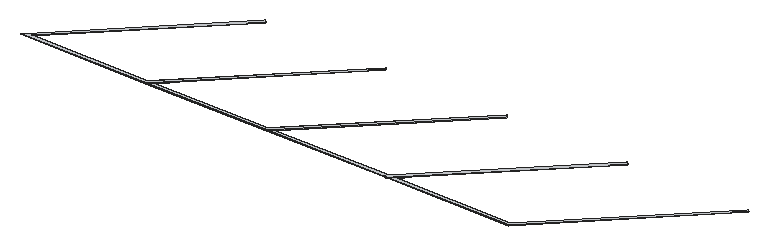
Revit family "321723 - Pavement Markings - Parking - Angled", category Generic Models, Revit 2019
Family settings
  Can host rebar = No
  Round Connector Dimension = Use Diameter
  Part Type = Normal
  Work Plane-Based = No
  Always vertical = Yes
  Cut with Voids When Loaded = No
  Shared = No
  Room Calculation Point = No
Parameters (values of type "one")
  run [instance] = 46' - 4.22888"
  Width_Host = 8' - 0"
  Parking_Count [instance] = run / Offset  # 4
  Offset = Width_Host / sin(Angle_Host)  # 11' - 3.7645"
  Length_Host = 18' - 0"
  Angle_Host = 45.00°
Types (5): name | Parking_Count | Offset | Angle_Host
  one | 4 | 11' - 3.7645" | 45.00°
  90 | 6 | 8' - 0" | 90.00°
  70 | 5 | 8' - 6.16107" | 70.00°
  60 | 5 | 9' - 2.85125" | 60.00°
  EXISTING 70º | 5 | 8' - 6.16107" | 70.00°
Reference planes (in)
  plane 1 "Center (Front/Back)": y = 0
  plane 2: z = 0
  plane 3 "Center (Left/Right)": x = 0
  plane 4: x = 556.22888
Lines and regions (in)
  reference lines
    curve 1: line (0, 0, 0) -> (135.7645, 0, 0)
    curve 2: line (135.7645, 0, 0) -> (288.49957, 152.73506, 0)
Dimensions and locks (in)
  "Width_Host": curve 2 to curve 1
  "Offset": plane 3 "Center (Left/Right)" to curve 2
  "Length_Host": curve 2 to curve 2
  "run": plane 3 "Center (Left/Right)" to plane 4
  equal spacing: group 1, group 2, group 3, group 4  (x3)
  "Offset": curve 2 to nested 2
  "Angle_Host": angle plane 1 "Center (Front/Back)" to curve 2
  aligned and locked: plane 2 to level
Automatic sketch dimensions
  plane 1 "Center (Front/Back)" to curve 1 = 0' - 0"
Nested families (in)
  nested 1: "Single Angular Parking Stripe" at (0, 0, 0), type "1st Type"
    with lenght of stall 18' - 0", Width of Parking 8' - 0", Angle of Parking 45.00°
  nested 2: "Single Angular Parking Stripe" at (135.7645, 0, 0), type "1st Type"
    with lenght of stall 18' - 0", Width of Parking 8' - 0", Angle of Parking 45.00°
  nested 3: "Single Angular Parking Stripe" at (271.529, 0, 0), type "1st Type"
    with lenght of stall 18' - 0", Width of Parking 8' - 0", Angle of Parking 45.00°
  nested 4: "Single Angular Parking Stripe" at (407.29351, 0, 0), type "1st Type"
    with lenght of stall 18' - 0", Width of Parking 8' - 0", Angle of Parking 45.00°
Definition of nested family "Single Angular Parking Stripe"
  Parameters (values of type "1st Type")
    lenght of stall = 20' - 0"
    Width of Parking Stripe = 0' - 4"
    Width of Parking = 7' - 0"
    Angle of Parking = 70.00°
  Reference planes (in)
    plane 1 "Center (Front/Back)": y = 0
    plane 2: z = 0
    plane 3 "Center (Left/Right)": x = 0
    plane 4: y = 4
  Forms (in)
    Extrusion 1, solid
      sketch origin (0, 0, 0) x (1, 0, 0) y (0, 1, 0)
        loop
          line (82.08483, 225.52623) -> (0, 0) -> (93.64764, 0) -> (175.23454, 224.15815) -> (171.47577, 225.52623) -> (90.84681, 4) -> (5.71259, 4) -> (85.8436, 224.15815) -> (82.08483, 225.52623)
      from 0 to 0.47848
  Lines and regions (in)
    reference lines
      curve 1: line (0, 0, 0) -> (82.08483, 225.52623, 0)
      curve 2: line (5.71259, 4, 0) -> (85.8436, 224.15815, 0)
      curve 3: line (93.64764, 0, 0) -> (175.23454, 224.15815, 0)
      curve 4: line (89.39093, 0, 0) -> (171.47577, 225.52623, 0)
      curve 5: line (82.08483, 225.52623, 0) -> (85.8436, 224.15815, 0)
      curve 6: line (171.47577, 225.52623, 0) -> (175.23454, 224.15815, 0)
      curve 7: line (0, 0, 0) -> (93.64764, 0, 0)
      curve 8: line (89.39093, 0, 0) -> (89.39093, -19, 0)
  Dimensions and locks (in)
    "Width of Parking Stripe": curve 2 to curve 1
    "Width of Parking Stripe": plane 4 to plane 1 "Center (Front/Back)"
    "Width of Parking Stripe": curve 3 to curve 4
    "lenght of stall": curve 1 to curve 5
    "Width of Parking": curve 4 to curve 1
    "lenght of stall": curve 4 to curve 6
    "Angle of Parking": angle plane 1 "Center (Front/Back)" to curve 1
    aligned and locked: plane 2 to level
    aligned and locked: Extrusion 1 sketch curve to curve 1
    aligned and locked: curve 2 to Extrusion 1 sketch curve
    aligned and locked: plane 1 "Center (Front/Back)" to Extrusion 1 sketch curve
    aligned and locked: plane 4 to Extrusion 1 sketch curve
    aligned and locked: Extrusion 1 sketch curve to curve 3
    aligned and locked: Extrusion 1 sketch curve to curve 4
    aligned and locked: Extrusion 1 sketch curve to curve 5
    aligned and locked: Extrusion 1 sketch curve to curve 6
    aligned and locked: plane 1 "Center (Front/Back)" to curve 7
    aligned and locked: plane 4 to curve 2
    aligned and locked: plane 3 "Center (Left/Right)" to curve 1
    aligned and locked: plane 1 "Center (Front/Back)" to curve 4
  Automatic sketch dimensions
    curve 8 to curve 4 = 0' - 0"
    curve 8 to curve 4 = 1' - 7"
